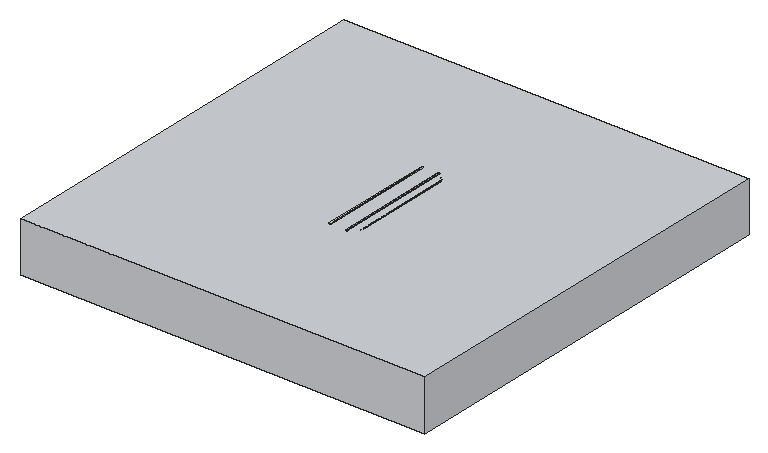
Revit family
Parameters (values of type "CSD-MF")
  Wingless [instance] = not(Wing)  # no
  Wing [instance] = yes
  Type Comments = "Ceiling Slot Diffuser Mounting Frame"  # constant formula
  Mounting Frame [instance] = none
  Model = "CSD-MF"  # constant formula
  Manufacturer = "Holyoake Industries Ltd"  # constant formula
  Frame Length [instance] = 700.00 mm
  Frame Opening [instance] = 91.00 mm
  Description = "A base frame which is designed to be built into a solid ceiling. The CSD-MF offers a vastly improved alternative to the standard method of CSD installation."  # constant formula
  Default Elevation = 0.00 mm
  Created By = "Productspec Ltd"  # constant formula
  Ceiling Opening [instance] = 145.00 mm
  Bridge Channel Spacing [instance] = 150.00 mm
  Bridge Channel Offset [instance] = 150.00 mm
  Bar Number [instance] = if(Array Number < 2, 2, Array Number)  # 4
  Bridge Channel Length [instance] = Frame Opening + 8.00 mm * 2  # 107.00 mm
  Author = "Zinder Zhao"  # constant formula
  Array Number [instance] = (Frame Length - Bridge Channel Offset) / Bridge Channel Spacing  # 4
Reference planes
  plane 1 "Center (Front/Back)": y = 0
  plane 2: z = 0
  plane 3 "Center (Left/Right)": x = 0
  plane 4 "Left": x = -45.5
  plane 5 "Right": x = 45.5
  plane 6: y = 350
  plane 7: y = -350
  plane 8: x = -72.5
  plane 9: x = 72.5
  plane 10: y = -200
  plane 11 "Bar Top": z = -42.2
  plane 12 "Bar Left": x = -53.5
  plane 13 "Bar Right": x = 53.5
  plane 14: y = -50
Forms (mm)
  Extrusion 1, solid
    sketch origin (0, 0, 0) x (1, 0, 0) y (0, 1, 0)
      loop
        line (-1219.2, 1219.2) -> (-1219.2, -1219.2) -> (1219.2, -1219.2) -> (1219.2, 1219.2) -> (-1219.2, 1219.2)
    from 0 to -304.8
  Sweep 2, solid, material <- "Mounting Frame", visible <- "Wing"
    path origin (0, 0, 0) x (1, 0, 0) y (0, 1, 0)
      loop
        line (45.5, 350) -> (45.5, -350)
    profile "Holyoake_CeilingSlotDiffuser_CSD-MF_Profile : Holyoake_CeilingSlotDiffuser_CSD-MF" origin (45.5, 0, 0) x (1, 0, 0) y (0, 0, 1)
      loop
        line (10, 1) -> (0, 1) -> (0, -11.45) -> (8, -17.941) -> (8, -66.16) -> (0, -66.16) -> (0, -67.36) -> (10, -67.36) -> (10, -42.2) -> (15, -42.2)
        arc (15, -42.2) -> (16.5, -40.7) -> (15, -39.2) r 1.5
        line (15, -39.2) -> (14.16, -39.2) -> (14.16, -37.798) -> (23.66, -28.298) -> (23.66, -20.372) -> (20.803, -17.515)
        arc (20.803, -17.515) -> (20.702, -16.566) -> (21.511, -16.06) r 0.9
        line (21.511, -16.06) -> (51.511, -16.06) -> (51.511, -14.4) -> (21.511, -14.4)
        arc (21.511, -14.4) -> (19.183, -15.896) -> (19.576, -18.636) r 2.56
        line (19.576, -18.636) -> (22, -21.06) -> (22, -27.61) -> (12.5, -37.11) -> (12.5, -39.2) -> (10, -39.2) -> (10, -16.988) -> (2, -10.497) -> (2, 0) -> (10, 0) -> (10, 1)
  Sweep 3, solid, material <- "Mounting Frame", visible <- "Wing"
    path origin (0, 0, 0) x (1, 0, 0) y (0, 1, 0)
      loop
        line (-45.5, 350) -> (-45.5, -350)
    profile "Holyoake_CeilingSlotDiffuser_CSD-MF_Profile : Holyoake_CeilingSlotDiffuser_CSD-MF" origin (-45.5, 0, 0) x (1, 0, 0) y (0, 0, 1)
      loop
        line (-10, 1) -> (-10, 0) -> (-2, 0) -> (-2, -10.497) -> (-10, -16.988) -> (-10, -39.2) -> (-12.5, -39.2) -> (-12.5, -37.11) -> (-22, -27.61) -> (-22, -21.06) -> (-19.576, -18.636)
        arc (-19.576, -18.636) -> (-19.183, -15.896) -> (-21.511, -14.4) r 2.56
        line (-21.511, -14.4) -> (-51.511, -14.4) -> (-51.511, -16.06) -> (-21.511, -16.06)
        arc (-21.511, -16.06) -> (-20.702, -16.566) -> (-20.803, -17.515) r 0.9
        line (-20.803, -17.515) -> (-23.66, -20.372) -> (-23.66, -28.298) -> (-14.16, -37.798) -> (-14.16, -39.2) -> (-15, -39.2)
        arc (-15, -39.2) -> (-16.5, -40.7) -> (-15, -42.2) r 1.5
        line (-15, -42.2) -> (-10, -42.2) -> (-10, -67.36) -> (0, -67.36) -> (0, -66.16) -> (-8, -66.16) -> (-8, -17.941) -> (0, -11.45) -> (0, 1) -> (-10, 1)
  Sweep 4, solid, material <- "Mounting Frame", visible <- "Wingless"
    path origin (0, 0, 0) x (-1, 0, 0) y (0, 1, 0)
      loop
        line (45.5, 350) -> (45.5, -350)
    profile "Holyoake_CeilingSlotDiffuser_CSD-MF_Wingless_Profile : Holyoake_CeilingSlotDiffuser_CSD-MF_Wingless" origin (-45.5, 0, 0) x (1, 0, 0) y (0, 0, 1)
      loop
        line (-10, 1) -> (-10, 0) -> (-2, 0) -> (-2, -10.497) -> (-10, -16.988) -> (-10, -67.36) -> (0, -67.36) -> (0, -66.16) -> (-8, -66.16) -> (-8, -17.941) -> (0, -11.45) -> (0, 1) -> (-10, 1)
  Sweep 5, solid, material <- "Mounting Frame", visible <- "Wingless"
    path origin (0, 0, 0) x (1, 0, 0) y (0, 1, 0)
      loop
        line (45.5, 350) -> (45.5, -350)
    profile "Holyoake_CeilingSlotDiffuser_CSD-MF_Wingless_Profile : Holyoake_CeilingSlotDiffuser_CSD-MF_Wingless" origin (45.5, 0, 0) x (1, 0, 0) y (0, 0, 1)
      loop
        line (10, 1) -> (0, 1) -> (0, -11.45) -> (8, -17.941) -> (8, -66.16) -> (0, -66.16) -> (0, -67.36) -> (10, -67.36) -> (10, -16.988) -> (2, -10.497) -> (2, 0) -> (10, 0) -> (10, 1)
  Extrusion 6, solid, material <- "Mounting Frame", detail levels fine
    sketch origin (-53.5, -175, 0) x (0, 0, 1) y (0, -1, 0)
      loop
        line (-42.2, 13) -> (-42.2, 25) -> (-66.16, 25) -> (-66.16, 13) -> (-42.2, 13)
    from 0 to 107 <- "Bridge Channel Length"
  Extrusion 7, solid, material <- "Mounting Frame", detail levels fine
    sketch origin (-53.5, -25, 0) x (0, 0, 1) y (0, -1, 0)
      loop
        line (-42.2, 13) -> (-42.2, 25) -> (-66.16, 25) -> (-66.16, 13) -> (-42.2, 13)
    from 0 to 107 <- "Bridge Channel Length"
  Extrusion 8, solid, material <- "Mounting Frame", detail levels fine
    sketch origin (-53.5, 125, 0) x (0, 0, 1) y (0, -1, 0)
      loop
        line (-42.2, 13) -> (-42.2, 25) -> (-66.16, 25) -> (-66.16, 13) -> (-42.2, 13)
    from 0 to 107 <- "Bridge Channel Length"
  Extrusion 9, solid, material <- "Mounting Frame", detail levels fine
    sketch origin (-53.5, 275, 0) x (0, 0, 1) y (0, -1, 0)
      loop
        line (-42.2, 13) -> (-42.2, 25) -> (-66.16, 25) -> (-66.16, 13) -> (-42.2, 13)
    from 0 to 107 <- "Bridge Channel Length"
Dimensions and locks
  equal spacing: plane 7, plane 1 "Center (Front/Back)", plane 6
  "Frame Length": plane 7 to plane 6
  equal spacing: plane 5 "Right", plane 3 "Center (Left/Right)", plane 4 "Left"
  "Frame Opening": plane 5 "Right" to plane 4 "Left"
  equal spacing: plane 9, plane 3 "Center (Left/Right)", plane 8
  "Ceiling Opening": plane 9 to plane 8
  locked: plane 11 "Bar Top" to plane 2 at 42.2
  "Bridge Channel Offset": plane 7 to plane 10
  locked: plane 4 "Left" to plane 12 "Bar Left" at 8
  locked: plane 13 "Bar Right" to plane 5 "Right" at 8
  equal spacing: group 1, group 2, group 3, group 4  (x3)
  "Bridge Channel Spacing": plane 10 to plane 14
  aligned and locked: plane 2 to Extrusion 1
  aligned and locked: level to Extrusion 1
  aligned and locked: Sweep 2 sketch curve to plane 5 "Right"
  aligned and locked: Sweep 3 sketch curve to plane 4 "Left"
  aligned and locked: plane 10 to Extrusion 6
  aligned and locked: Extrusion 6 to plane 11 "Bar Top"  (x3)
  aligned and locked: Extrusion 6 to plane 10  (x2)
  aligned and locked: Extrusion 6 to plane 12 "Bar Left"
  aligned and locked: plane 12 "Bar Left" to Extrusion 6
  aligned and locked: plane 14 to Extrusion 7
  aligned and locked: Extrusion 7 to plane 12 "Bar Left"
  aligned and locked: Extrusion 7 to plane 11 "Bar Top"
Automatic sketch dimensions
  Extrusion 1 sketch curve to Extrusion 1 sketch curve = 2438.40 mm  (x2)
  Sweep 2 sketch curve to plane 7 = 0.00 mm
  Sweep 2 sketch curve to plane 6 = 0.00 mm
  Sweep 3 sketch curve to plane 7 = 0.00 mm
  Sweep 3 sketch curve to plane 6 = 0.00 mm
  Sweep 4 sketch curve to plane 4 "Left" = 0.00 mm
  Sweep 4 sketch curve to plane 7 = 0.00 mm
  Sweep 4 sketch curve to plane 6 = 0.00 mm
  Sweep 5 sketch curve to plane 5 "Right" = 0.00 mm
  Sweep 5 sketch curve to plane 7 = 0.00 mm
  Sweep 5 sketch curve to plane 6 = 0.00 mm
  Extrusion 6 sketch curve to Extrusion 6 sketch curve = 23.96 mm
  Extrusion 6 sketch curve to Extrusion 6 sketch curve = 12.00 mm
  Extrusion 7 sketch curve to Extrusion 7 sketch curve = 23.96 mm
  Extrusion 7 sketch curve to Extrusion 7 sketch curve = 12.00 mm
  Extrusion 8 sketch curve to Extrusion 8 sketch curve = 23.96 mm
  Extrusion 8 sketch curve to Extrusion 8 sketch curve = 12.00 mm
  Extrusion 9 sketch curve to Extrusion 9 sketch curve = 23.96 mm
  Extrusion 9 sketch curve to Extrusion 9 sketch curve = 12.00 mm
